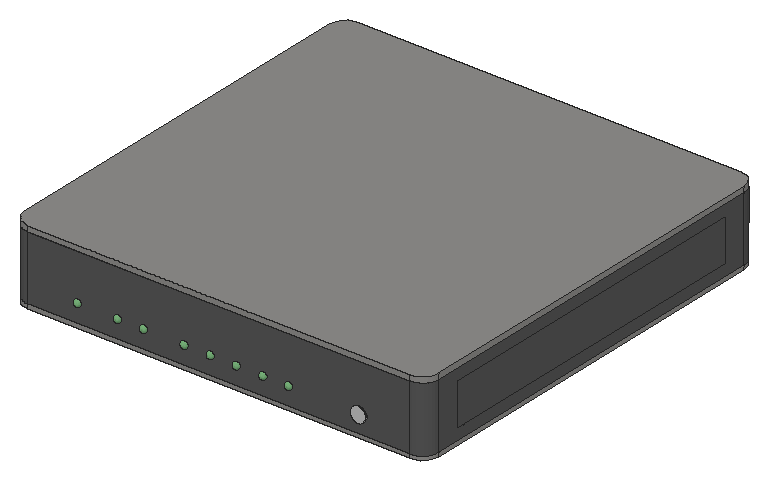
Revit family "Electronics_Medium-Large-Room-Solutions_Biamp_Devio_Conference-Room-Hub_SCX__", category Communication Devices, host Face, Revit 2020
Family settings
  Host = Face
  Maintain Annotation Orientation = No
  Round Connector Dimension = Use Diameter
  Part Type = Normal
  OmniClass Number = 23.85.10.14
  OmniClass Title = Visual Information Systems
  Cut with Voids When Loaded = Yes
  Shared = No
  Room Calculation Point = No
Parameters (values of type "SCX 400")
  Width = 8.10156"  # constant formula
  Weight = 1.90 lbf  # constant formula
  Voltage = 120 V
  View_Device [instance] = not(Plenum Box 12x12)  # yes
  URL = "https://www.biamp.com/"
  Temperature Range = "32 - 104° F (0 - 40° C)"  # constant formula
  Sampling Rate = "48kHz"  # constant formula
  Rotation [instance] = if(RMX 100 Rack Shelf, 0.00°, 90.00°)  # 90.00°
  Ref Line Offset [instance] = if(RMX 100 Rack Shelf, 4.68", 0.00")  # 0.00"
  RMX 100 Rack Shelf [instance] = Mount Type = _RMX 100 Rack Shelf  # no
  _RMX 100 Rack Shelf = RMX 100 Rack Shelf : RMX 100 Rack Shelf
  Product data url = "https://www.bimobject.com/biamp/product/devio-scx-400_medium-large-room-solution"
  Product Page URL = "https://www.biamp.com/products/product-families/devio/medium-large-room-solutions#devio-scx-400"
  Product Documentation Link = "https://downloads.biamp.com/assets/docs/default-source/data-sheets/biamp_data_sheet_devio_scx-400.pdf"
  Power Factor = 1
  Plenum Box 12x12 [instance] = Mount Type = _Plenum Box 12x12  # no
  _Plenum Box 12x12 = Plenum Box 12x12 : Plenum Box 12x12
  Offset Tesera [instance] = if(RMX 100 Rack Shelf, 0.263", if(Plenum Box 12x12, 0.063", 0.00"))  # 0.00"
  Number of Poles = 1
  Number of Channels = "up to 2x2"  # constant formula
  No mount [instance] = Mount Type = No Mount  # yes
  No Mount = No mount : No mount
  Mount Type [instance] = No mount : No mount
  Model = "Devio SCX 400"
  Max Power Consumption = 150 W
  Manufacturer = "Biamp"  # constant formula
  Humidity = "0-98% relative humidity (non-condensing)"  # constant formula
  Housing Material = Biamp - Metal - Dark Gray
  Height = 1.50"  # constant formula
  Description = "Devio® SCX 400 Conference Room Hub"
  Depth = 8.10156"  # constant formula
  Default Elevation = 48.00"
  Connector Description = "100 - 240V 50/60Hz"  # constant formula
  Compliance = "FCC Part 15B (USA); Canada ICES-003 (A) / NMB-003 (A); CE marked (Europe); UL und C-UL listed (USA and Canada); RCM (Australia); RoHS Directive (Europe)"  # constant formula
  Bit Depth = "16-bit / 24-bit"  # constant formula
  Assembly Code = ""
  Apparent Load = Max Power Consumption / Power Factor  # 150 VA
  Altitude = "0-6,600 ft (0-2000m) MSL"  # constant formula
Types (3): name | Product data url | Product Page URL | Product Documentation Link | Model | Description
  (no name) | "https://www.bimobject.com/biamp/product/devio-scx-400_medium-large-room-solution" | "https://www.biamp.com/products/product-families/devio/medium-large-room-solutions#devio-scx-400" | "https://downloads.biamp.com/assets/docs/default-source/data-sheets/biamp_data_sheet_devio_scx-400.pdf" | "Devio SCX 400" | "Devio® SCX 400 Conference Room Hub"
  SCX 400 | "https://www.bimobject.com/biamp/product/devio-scx-400_medium-large-room-solution" | "https://www.biamp.com/products/product-families/devio/medium-large-room-solutions#devio-scx-400" | "https://downloads.biamp.com/assets/docs/default-source/data-sheets/biamp_data_sheet_devio_scx-400.pdf" | "Devio SCX 400" | "Devio® SCX 400 Conference Room Hub"
  SCX 800 | "https://www.bimobject.com/biamp/product/devio-scx-800_medium-large-room-solution" | "https://www.biamp.com/products/product-families/devio/medium-large-room-solutions#devio-scx-800" | "https://downloads.biamp.com/assets/docs/default-source/data-sheets/biamp_data_sheet_devio_scx-800.pdf" | "Devio SCX 800" | "Devio® SCX 800 Conference Room Hub"
Reference planes (in)
  plane 1 "Center (Front/Back)": y = 0
  plane 2: z = 0
  plane 3 "Center (Left/Right)": x = 0
  plane 4: x = -4.05078
  plane 5: x = 4.05078
  plane 6: y = 4.05078
  plane 7: y = -4.05078
Lines and regions (in)
  reference lines
    curve 1: line (0, 4.05078, 0) -> (0, 0.05078, 0)
    curve 2: line (-2, 0.05078, 0) -> (0, 0.05078, 0)
    curve 3: line (0, 0.05078, 0) -> (0, 1.80078, 0)
Dimensions and locks (in)
  equal spacing: plane 4, plane 3 "Center (Left/Right)", plane 5
  equal spacing: plane 6, plane 1 "Center (Front/Back)", plane 7
  "Depth": plane 4 to plane 5
  "Width": plane 6 to plane 7
  "Ref Line Offset": curve 1 to curve 2
  "Rotation": angle curve 1 to plane 6
  locked: curve 2 to curve 1 (angle 90.00°)
  aligned and locked: plane 2 to host face
  aligned and locked: nested 2 to curve 3
Automatic sketch dimensions
  host sketch curve to host sketch curve = 96.00"  (x2)
  curve 1 to level = 0.00"
  curve 1 to plane 6 = 0.00"
  curve 3 to curve 2 = 0.00"
  curve 2 to curve 3 = 0.00"
  curve 2 to curve 3 = 1.75"
  curve 1 to curve 2 = 0.00"
Nested families (in)
  nested 1: "No mount" at (8.84807, -1.49783, 0) x (-1, 0, 0) z (0, 0, 1), type <- "Mount Type", type "No mount"
  nested 2: "DEVIO" at (0, 0.05078, 0), visible <- "View_Device", type "400/800"
Connectors (in)
  electrical at (3.21369, 4.0336, 0.55913)
    settings: on nested 2, index 8, voltage 0 V, apparent load 0 VA, apparent load phase1 0 VA, apparent load phase2 0 VA, apparent load phase3 0 VA, power factor 1, load classification "Other", number of poles 1, system type 5, power factor state 1, is connector primary yes, connector utility no, sub classification motor no, connector description "RJ-45"
  electrical at (-0.48823, 4.0336, 0.45757)
    settings: on nested 2, index 12, voltage 0 V, apparent load 0 VA, apparent load phase1 0 VA, apparent load phase2 0 VA, apparent load phase3 0 VA, power factor 1, load classification "Other", number of poles 1, system type 5, power factor state 1, is connector primary no, connector utility no, sub classification motor no, connector description "USB port"
  electrical at (-3.31669, 4.24838, 0.60915), driven by "Voltage", driven by "Number of Poles", driven by "Max Power Consumption", driven by "Power Factor", driven by "Connector Description"
    settings: on nested 2, index 13, voltage 120 V, apparent load 0 VA, apparent load phase1 150 VA, apparent load phase2 0 VA, apparent load phase3 0 VA, power factor 1, load classification "Other", number of poles 1, system type 31, power factor state 1, is connector primary no, connector utility no, sub classification motor no, connector description "100 - 240V 50/60Hz"
  electrical at (2.27619, 4.0336, 0.52788)
    settings: on nested 2, index 15, voltage 0 V, apparent load 0 VA, apparent load phase1 0 VA, apparent load phase2 0 VA, apparent load phase3 0 VA, power factor 1, load classification "Other", number of poles 1, system type 5, power factor state 1, is connector primary no, connector utility no, sub classification motor no, connector description "RJ-45; PoE+ 2"
  electrical at (1.65597, 4.0336, 0.52788)
    settings: on nested 2, index 16, voltage 0 V, apparent load 0 VA, apparent load phase1 0 VA, apparent load phase2 0 VA, apparent load phase3 0 VA, power factor 1, load classification "Other", number of poles 1, system type 5, power factor state 1, is connector primary no, connector utility no, sub classification motor no, connector description "RJ-45; PoE+ 3"
  electrical at (1.03516, 4.0336, 0.52788)
    settings: on nested 2, index 17, voltage 0 V, apparent load 0 VA, apparent load phase1 0 VA, apparent load phase2 0 VA, apparent load phase3 0 VA, power factor 1, load classification "Other", number of poles 1, system type 5, power factor state 1, is connector primary no, connector utility no, sub classification motor no, connector description "RJ-45; PoE+ 4"
  electrical at (0.41802, 4.0336, 0.52788)
    settings: on nested 2, index 18, voltage 0 V, apparent load 0 VA, apparent load phase1 0 VA, apparent load phase2 0 VA, apparent load phase3 0 VA, power factor 1, load classification "Other", number of poles 1, system type 5, power factor state 1, is connector primary no, connector utility no, sub classification motor no, connector description "RJ-45; PoE+ 5"
Definition of nested family "DEVIO"
  Parameters (values of type "TESIRAFORTÉ X")
    URL = ""
    Offset From Ref = 0.00"
    Model = ""
    Material Case = none
    Manufacturer = ""
    Description = ""
    Default Elevation = 48.00"
    Assembly Code = ""
  Reference planes (in)
    plane 1 "Center (Front/Back)": y = 0
    plane 2: z = 0
    plane 3 "Center (Left/Right)": x = 0
    plane 4: x = -4.05078
    plane 5: x = 4.05078
    plane 6: y = 4.05078
    plane 7: y = -4.05078
    plane 8: z = 1.49906
    plane 9: z = 0.03906
    plane 10 "1": z = 0
    plane 11: z = 0
  Forms (in)
    Extrusion 1, solid
      sketch origin (0, 0, 0) x (1, 0, 0) y (0, 1, 0)
        loop
          line (-48, 48) -> (-48, -48) -> (48, -48) -> (48, 48) -> (-48, 48)
      from 0 to -12
    Extrusion 2, solid, material <- "Material Case"
      sketch origin (0, 0, 0.68945) x (-1, 0, 0) y (0, -1, 0)
        loop
          circle (3.75078, -3.15078) r 0.25
        loop
          circle (-3.75078, -3.15078) r 0.25
        loop
          circle (-3.75078, 3.15078) r 0.25
        loop
          circle (3.75078, 3.15078) r 0.25
      from -0.68945 to -0.65039
    Extrusion 3, solid, material <- "Material Case", detail levels coarse
      sketch origin (0, 7.34519, 0.03906) x (0, 1, 0) y (-1, 0, 0)
        loop
          line (-3.29441, 4.05) -> (-11.39597, 4.05) -> (-11.39597, -4.05) -> (-3.29441, -4.05) -> (-3.29441, 4.05)
      from 0 to 1.46
    Extrusion 4, solid
      sketch origin (4.05, -4.05078, 0.80562) x (-1, 0, 0) y (0, 0, -1)
        loop
          circle (1.30533, 0.34421) r 0.14705
      from 0 to 0.01784
    Extrusion 5, solid
      sketch origin (0, 0, 0.6875) x (1, 0, 0) y (0, 0, 1)
        loop
          circle (-3.31669, -0.07835) r 0.20416
      from -4.1976 to -4.05
    Extrusion 6, solid, material <- "Material Case", detail levels medium+fine
      sketch origin (-4.95787, -180, 0) x (-1, 0, 0) y (0, -1, 0)
        loop
          line (-0.90709, -183.73295) -> (-0.90709, -176.26705)
          arc (-0.90709, -176.26705) -> (-1.00018, -176.04231) -> (-1.22492, -175.94922) r 0.31783
          line (-1.22492, -175.94922) -> (-8.69082, -175.94922)
          arc (-8.69082, -175.94922) -> (-8.91556, -176.04231) -> (-9.00865, -176.26705) r 0.31783
          line (-9.00865, -176.26705) -> (-9.00865, -183.73295)
          arc (-9.00865, -183.73295) -> (-8.91556, -183.95769) -> (-8.69082, -184.05078) r 0.31783
          line (-8.69082, -184.05078) -> (-1.22492, -184.05078)
          arc (-1.22492, -184.05078) -> (-1.00018, -183.95769) -> (-0.90709, -183.73295) r 0.31783
      from 0.03906 to 0.11634
    Extrusion 7, solid, detail levels medium+fine
      sketch origin (-4.95787, -180, 0) x (-1, 0, 0) y (0, -1, 0)
        loop
          line (-0.90746, -183.73295) -> (-0.90746, -176.26705)
          arc (-0.90746, -176.26705) -> (-1.00055, -176.04231) -> (-1.22528, -175.94922) r 0.31783
          line (-1.22528, -175.94922) -> (-8.69119, -175.94922)
          arc (-8.69119, -175.94922) -> (-8.91593, -176.04231) -> (-9.00902, -176.26705) r 0.31783
          line (-9.00902, -176.26705) -> (-9.00902, -183.73295)
          arc (-9.00902, -183.73295) -> (-8.91593, -183.95769) -> (-8.69119, -184.05078) r 0.31783
          line (-8.69119, -184.05078) -> (-1.22528, -184.05078)
          arc (-1.22528, -184.05078) -> (-1.00055, -183.95769) -> (-0.90746, -183.73295) r 0.31783
      from 0.11634 to 1.39139
    Extrusion 8, solid, material <- "Material Case", detail levels medium+fine
      sketch origin (-4.95787, -180, 0) x (-1, 0, 0) y (0, -1, 0)
        loop
          line (-0.90709, -183.73295) -> (-0.90709, -176.26705)
          arc (-0.90709, -176.26705) -> (-1.00018, -176.04231) -> (-1.22492, -175.94922) r 0.31783
          line (-1.22492, -175.94922) -> (-8.69082, -175.94922)
          arc (-8.69082, -175.94922) -> (-8.91556, -176.04231) -> (-9.00865, -176.26705) r 0.31783
          line (-9.00865, -176.26705) -> (-9.00865, -183.73295)
          arc (-9.00865, -183.73295) -> (-8.91556, -183.95769) -> (-8.69082, -184.05078) r 0.31783
          line (-8.69082, -184.05078) -> (-1.22492, -184.05078)
          arc (-1.22492, -184.05078) -> (-1.00018, -183.95769) -> (-0.90709, -183.73295) r 0.31783
      from 1.39139 to 1.49906
    Extrusion 9, void
      sketch origin (0, 0, 0.6875) x (1, 0, 0) y (0, 0, 1)
        loop
          line (3.50713, -0.37837) -> (3.50713, 0.12163) -> (2.92025, 0.12163) -> (2.92025, -0.37837) -> (3.50713, -0.37837)
        loop
          line (2.56963, 0.09038) -> (1.98275, 0.09038) -> (1.98275, -0.40962) -> (2.56963, -0.40962) -> (2.56963, 0.09038)
        loop
          line (1.94941, 0.09038) -> (1.36253, 0.09038) -> (1.36253, -0.40962) -> (1.94941, -0.40962) -> (1.94941, 0.09038)
        loop
          line (1.32861, 0.09038) -> (0.74172, 0.09038) -> (0.74172, -0.40962) -> (1.32861, -0.40962) -> (1.32861, 0.09038)
        loop
          line (0.71147, 0.09038) -> (0.12458, 0.09038) -> (0.12458, -0.40962) -> (0.71147, -0.40962) -> (0.71147, 0.09038)
        loop
          line (-0.25728, -0.01899) -> (-0.71917, -0.01899) -> (-0.71917, -0.44087) -> (-0.25728, -0.44087) -> (-0.25728, -0.01899)
      from -4.1976 to -3.98282
    Revolve 10, solid, detail levels fine
      sketch origin (-2.76078, -1.15708, 1.22383) x (0, 0, 1) y (0, -1, 0)
        loop
          arc (-0.67998, 2.8937) -> (-0.74383, 2.95755) -> (-0.80769, 2.8937) r 0.06385
          line (-0.80769, 2.8937) -> (-0.67998, 2.8937)
        axis (-0.67998, 2.8937) -> (-0.80769, 2.8937)
      angle from 270 to 450
    Revolve 11, solid, detail levels fine
      sketch origin (-1.97338, -1.15708, 1.22383) x (0, 0, 1) y (0, -1, 0)
        loop
          arc (-0.67998, 2.8937) -> (-0.74383, 2.95755) -> (-0.80769, 2.8937) r 0.06385
          line (-0.80769, 2.8937) -> (-0.67998, 2.8937)
        axis (-0.67998, 2.8937) -> (-0.80769, 2.8937)
      angle from 270 to 450
    Revolve 12, solid, detail levels fine
      sketch origin (-1.46472, -1.15708, 1.22383) x (0, 0, 1) y (0, -1, 0)
        loop
          arc (-0.67998, 2.8937) -> (-0.74383, 2.95755) -> (-0.80769, 2.8937) r 0.06385
          line (-0.80769, 2.8937) -> (-0.67998, 2.8937)
        axis (-0.67998, 2.8937) -> (-0.80769, 2.8937)
      angle from 270 to 450
    Revolve 13, solid, detail levels fine
      sketch origin (-0.6715, -1.15708, 1.22383) x (0, 0, 1) y (0, -1, 0)
        loop
          arc (-0.67998, 2.8937) -> (-0.74383, 2.95755) -> (-0.80769, 2.8937) r 0.06385
          line (-0.80769, 2.8937) -> (-0.67998, 2.8937)
        axis (-0.67998, 2.8937) -> (-0.80769, 2.8937)
      angle from 270 to 450
    Revolve 14, solid, detail levels fine
      sketch origin (-0.15919, -1.15708, 1.22383) x (0, 0, 1) y (0, -1, 0)
        loop
          arc (-0.67998, 2.8937) -> (-0.74383, 2.95755) -> (-0.80769, 2.8937) r 0.06385
          line (-0.80769, 2.8937) -> (-0.67998, 2.8937)
        axis (-0.67998, 2.8937) -> (-0.80769, 2.8937)
      angle from 270 to 450
    Revolve 15, solid, detail levels fine
      sketch origin (0.35345, -1.15708, 1.22383) x (0, 0, 1) y (0, -1, 0)
        loop
          arc (-0.67998, 2.8937) -> (-0.74383, 2.95755) -> (-0.80769, 2.8937) r 0.06385
          line (-0.80769, 2.8937) -> (-0.67998, 2.8937)
        axis (-0.67998, 2.8937) -> (-0.80769, 2.8937)
      angle from 270 to 450
    Revolve 16, solid, detail levels fine
      sketch origin (1.37397, -1.15708, 1.22383) x (0, 0, 1) y (0, -1, 0)
        loop
          arc (-0.67998, 2.8937) -> (-0.74383, 2.95755) -> (-0.80769, 2.8937) r 0.06385
          line (-0.80769, 2.8937) -> (-0.67998, 2.8937)
        axis (-0.67998, 2.8937) -> (-0.80769, 2.8937)
      angle from 270 to 450
    Revolve 17, solid, detail levels fine
      sketch origin (0.87196, -1.15708, 1.22383) x (0, 0, 1) y (0, -1, 0)
        loop
          arc (-0.67998, 2.8937) -> (-0.74383, 2.95755) -> (-0.80769, 2.8937) r 0.06385
          line (-0.80769, 2.8937) -> (-0.67998, 2.8937)
        axis (-0.67998, 2.8937) -> (-0.80769, 2.8937)
      angle from 270 to 450
    Extrusion 18, void
      sketch origin (4.05078, 13.84047, 48) x (0, 1, 0) y (0, 0, 1)
        loop
          line (-17.13125, -46.82094) -> (-17.13125, -47.66) -> (-10.54969, -47.66) -> (-10.54969, -46.82094) -> (-17.13125, -46.82094)
      from 0 to -0.08
    Extrusion 19, void
      sketch origin (-4.05078, 13.84047, 48) x (0, -1, 0) y (0, 0, 1)
        loop
          line (17.13125, -46.82094) -> (10.54969, -46.82094) -> (10.54969, -47.66) -> (17.13125, -47.66) -> (17.13125, -46.82094)
      from 0 to -0.08
    Extrusion 20, solid
      sketch origin (-3.97078, 13.84047, 48) x (0, -1, 0) y (0, 0, 1)
        loop
          line (17.13125, -46.82094) -> (10.54969, -46.82094) -> (10.54969, -47.66) -> (17.13125, -47.66) -> (17.13125, -46.82094)
      from 0 to 0.08
    Extrusion 21, solid
      sketch origin (4.05115, -3.73295, 0) x (0, 1, 0) y (0, 0, 1)
        loop
          line (0.44217, 1.17906) -> (0.44217, 0.34) -> (7.02373, 0.34) -> (7.02373, 1.17906) -> (0.44217, 1.17906)
      from 0 to -0.08
  Cuts and joins
    Extrusion 9, Extrusion 18, Extrusion 19 cuts Extrusion 7
    Extrusion 9, Extrusion 19 cuts Extrusion 3
  Lines and regions (in)
    Masking region 1, detail levels medium+fine
      outline origin (0, 0, 0) x (1, 0, 0) y (0, 1, 0)
        loop
          line (-4.05078, 3.73295) -> (-4.05078, -3.73295)
          arc (-4.05078, -3.73295) -> (-3.95769, -3.95769) -> (-3.73295, -4.05078) r 0.31783
          line (-3.73295, -4.05078) -> (2.59762, -4.05078) -> (2.59762, -4.08336) -> (2.89172, -4.08336) -> (2.89172, -4.05078) -> (3.73295, -4.05078)
          arc (3.73295, -4.05078) -> (3.95769, -3.95769) -> (4.05078, -3.73295) r 0.31783
          line (4.05078, -3.73295) -> (4.05078, 3.73295)
          arc (4.05078, 3.73295) -> (3.95769, 3.95769) -> (3.73295, 4.05078) r 0.31783
          line (3.73295, 4.05078) -> (-3.11253, 4.05078) -> (-3.11253, 4.1976) -> (-3.52084, 4.1976) -> (-3.52084, 4.05078) -> (-3.73295, 4.05078)
          arc (-3.73295, 4.05078) -> (-3.95769, 3.95769) -> (-4.05078, 3.73295) r 0.31783
    Masking region 2, detail levels fine
      outline origin (0, 0, 0) x (1, 0, 0) y (0, 1, 0)
        loop
          line (-2.69595, -4.05078) -> (-2.82562, -4.05078)
          arc (-2.82562, -4.05078) -> (-2.76078, -4.11562) -> (-2.69595, -4.05078) r 0.06483
        loop
          line (-1.90855, -4.05078) -> (-2.03821, -4.05078)
          arc (-2.03821, -4.05078) -> (-1.97338, -4.11562) -> (-1.90855, -4.05078) r 0.06483
        loop
          line (-1.39988, -4.05078) -> (-1.52955, -4.05078)
          arc (-1.52955, -4.05078) -> (-1.46472, -4.11562) -> (-1.39988, -4.05078) r 0.06483
        loop
          line (-0.60667, -4.05078) -> (-0.73634, -4.05078)
          arc (-0.73634, -4.05078) -> (-0.6715, -4.11562) -> (-0.60667, -4.05078) r 0.06483
        loop
          line (-0.09435, -4.05078) -> (-0.22402, -4.05078)
          arc (-0.22402, -4.05078) -> (-0.15919, -4.11562) -> (-0.09435, -4.05078) r 0.06483
        loop
          line (0.41828, -4.05078) -> (0.28862, -4.05078)
          arc (0.28862, -4.05078) -> (0.35345, -4.11562) -> (0.41828, -4.05078) r 0.06483
        loop
          line (0.9368, -4.05078) -> (0.80713, -4.05078)
          arc (0.80713, -4.05078) -> (0.87196, -4.11562) -> (0.9368, -4.05078) r 0.06483
        loop
          line (1.43881, -4.05078) -> (1.30914, -4.05078)
          arc (1.30914, -4.05078) -> (1.37397, -4.11562) -> (1.43881, -4.05078) r 0.06483
    Masking region 3, detail levels coarse
      outline origin (0, 0, 0) x (1, 0, 0) y (0, 1, 0)
        loop
          line (-4.05078, 4.05078) -> (-4.05078, -4.05078) -> (2.59762, -4.05078) -> (2.59762, -4.08336) -> (2.89172, -4.08336) -> (2.89172, -4.05078) -> (4.05078, -4.05078) -> (4.05078, 4.05078) -> (-3.11253, 4.05078) -> (-3.11253, 4.1976) -> (-3.52084, 4.1976) -> (-3.52084, 4.05078) -> (-4.05078, 4.05078)
    symbolic lines
      curve 1: line (-3.73258, -4.05078, 0) -> (3.73332, -4.05078, 0)
      curve 2: line (3.73332, 4.05078, 0) -> (-3.73295, 4.05078, 0)
  Dimensions and locks (in)
    equal spacing: plane 4, plane 3 "Center (Left/Right)", plane 5
    equal spacing: plane 6, plane 1 "Center (Front/Back)", plane 7
    plane 4 to plane 5 = 8.10156"
    plane 6 to plane 7 = 8.10156"
    locked: plane 8 to Extrusion 5 sketch curve at 0.88991
    locked: plane 9 to plane 11 at 0.03906
    locked: plane 8 to plane 11 at 1.49906
    "Offset From Ref": plane 11 to level
    locked: plane 7 to Extrusion 18 sketch curve at 0.76
    locked: Extrusion 18 sketch curve to plane 6 at 0.76
    plane 8 to Extrusion 18 sketch curve = 0.32"
    locked: Extrusion 18 sketch curve to plane 11 at 0.34
    aligned and locked: plane 2 to Extrusion 1
    aligned and locked: Extrusion 2 to Extrusion 6
    aligned and locked: Extrusion 6 to Extrusion 2  (x2)
    aligned and locked: plane 8 to Extrusion 8
    aligned and locked: plane 9 to Extrusion 6  (x2)
    aligned and locked: Extrusion 8 to plane 8  (x5)
    aligned and locked: plane 9 to Extrusion 2
    aligned and locked: Extrusion 2 to plane 11
  Automatic sketch dimensions
    Extrusion 1 sketch curve to Extrusion 1 sketch curve = 96.00"  (x2)
    Extrusion 2 sketch curve to plane 5 = 0.30"  (x2)
    plane 4 to Extrusion 2 sketch curve = 0.30"  (x2)
    Extrusion 2 sketch curve to plane 6 = 0.90"  (x2)
    plane 7 to Extrusion 2 sketch curve = 0.90"  (x2)
    Extrusion 3 sketch curve to plane 7 = 0.00"
    Extrusion 3 sketch curve to plane 6 = 0.00"
    Extrusion 3 sketch curve to plane 5 = 0.00078"
    plane 4 to Extrusion 3 sketch curve = 0.00078"
    plane 4 to Extrusion 5 sketch curve = 0.7341"
    Extrusion 6 sketch curve to plane 5 = 0.00"
    Extrusion 6 sketch curve to plane 6 = 0.00"
    Extrusion 6 sketch curve to plane 7 = 0.00"
    Extrusion 6 sketch curve to plane 4 = 0.00"
    Extrusion 6 sketch curve to plane 5 = 0.31783"  (x2)
    Extrusion 6 sketch curve to Extrusion 6 sketch curve = 0.31783"  (x2)
    Extrusion 7 sketch curve to plane 6 = 0.00"
    Extrusion 7 sketch curve to plane 7 = 0.00"
    plane 5 to Extrusion 7 sketch curve = 0.00037"
    Extrusion 7 sketch curve to plane 5 = 0.31746"  (x2)
    plane 4 to Extrusion 7 sketch curve = 0.3182"  (x2)
    plane 4 to Extrusion 7 sketch curve = 0.00037"
    Extrusion 8 sketch curve to plane 5 = 0.00"
    Extrusion 8 sketch curve to plane 6 = 0.00"
    Extrusion 8 sketch curve to plane 7 = 0.00"
    Extrusion 8 sketch curve to plane 4 = 0.00"
    Extrusion 8 sketch curve to plane 5 = 0.31783"  (x2)
    Extrusion 8 sketch curve to Extrusion 8 sketch curve = 0.31783"  (x2)
    Masking region 1 sketch curve to plane 4 = 0.00"
    Masking region 1 sketch curve to plane 6 = 0.00"  (x2)
    Masking region 1 sketch curve to plane 7 = 0.00"  (x2)
    Masking region 1 sketch curve to plane 5 = 0.00"
    plane 4 to Masking region 1 sketch curve = 0.31783"
    Masking region 1 sketch curve to Masking region 1 sketch curve = 0.31783"
    Masking region 1 sketch curve to Masking region 1 sketch curve = 0.21211"
    Masking region 1 sketch curve to Masking region 1 sketch curve = 0.40831"
    Masking region 1 sketch curve to plane 7 = 0.03258"
    Masking region 1 sketch curve to plane 5 = 1.45316"
    Masking region 1 sketch curve to Masking region 1 sketch curve = 0.29409"
    Masking region 1 sketch curve to plane 5 = 0.31783"  (x2)
    plane 6 to Masking region 1 sketch curve = 0.14682"
    Masking region 2 sketch curve to plane 7 = 0.00"  (x8)
    plane 4 to Masking region 2 sketch curve = 1.22517"
    Masking region 2 sketch curve to Masking region 2 sketch curve = 0.06483"  (x8)
    Masking region 2 sketch curve to Masking region 2 sketch curve = 0.65773"
    Masking region 2 sketch curve to Masking region 2 sketch curve = 0.37899"
    Masking region 2 sketch curve to Masking region 2 sketch curve = 0.66355"
    Masking region 2 sketch curve to plane 3 "Center (Left/Right)" = 0.22402"
    plane 3 "Center (Left/Right)" to Masking region 2 sketch curve = 0.28862"
    Masking region 2 sketch curve to Masking region 2 sketch curve = 0.38884"
    Masking region 2 sketch curve to Masking region 2 sketch curve = 0.43718"
    Masking region 3 sketch curve to plane 6 = 0.00"  (x2)
    Masking region 3 sketch curve to plane 4 = 0.00"
    Masking region 3 sketch curve to plane 5 = 0.00"
    plane 4 to Masking region 3 sketch curve = 0.52994"
    Masking region 3 sketch curve to plane 7 = 0.03258"
    Masking region 3 sketch curve to plane 5 = 1.15906"
    Masking region 3 sketch curve to Masking region 3 sketch curve = 0.14682"
    Masking region 3 sketch curve to Masking region 3 sketch curve = 0.40831"
    Masking region 3 sketch curve to plane 7 = 0.00"  (x2)
    Masking region 3 sketch curve to Masking region 3 sketch curve = 0.29409"
    curve 2 to plane 6 = 0.00"
    curve 1 to plane 7 = 0.00"
    plane 4 to curve 2 = 0.31783"
    plane 4 to curve 1 = 0.3182"
    curve 2 to plane 5 = 0.31746"
    curve 1 to plane 5 = 0.31746"
    plane 9 to Extrusion 4 sketch curve = 0.42235"
    Extrusion 4 sketch curve to plane 5 = 1.30611"
    Extrusion 9 sketch curve to plane 3 "Center (Left/Right)" = 0.25728"
    plane 3 "Center (Left/Right)" to Extrusion 9 sketch curve = 0.12458"
    plane 9 to Extrusion 9 sketch curve = 0.23882"  (x3)
    Extrusion 9 sketch curve to Extrusion 9 sketch curve = 0.58688"  (x4)
    Extrusion 9 sketch curve to Extrusion 9 sketch curve = 0.03026"
    Extrusion 9 sketch curve to Extrusion 9 sketch curve = 0.03392"
    Extrusion 9 sketch curve to Extrusion 9 sketch curve = 0.03334"
    Extrusion 9 sketch curve to Extrusion 9 sketch curve = 0.35062"
    Extrusion 9 sketch curve to plane 5 = 0.54365"
    plane 9 to Extrusion 9 sketch curve = 0.20757"
    Extrusion 9 sketch curve to Extrusion 9 sketch curve = 0.00"  (x3)
    plane 9 to Extrusion 9 sketch curve = 0.27007"
    Extrusion 9 sketch curve to Extrusion 9 sketch curve = 0.42187"
    Extrusion 9 sketch curve to Extrusion 9 sketch curve = 0.10938"
    Extrusion 9 sketch curve to Extrusion 9 sketch curve = 0.50"
    Extrusion 9 sketch curve to Extrusion 9 sketch curve = 0.03125"
    Revolve 10 sketch curve to plane 7 = 0.00"  (x2)
    plane 9 to Revolve 10 sketch curve = 0.37708"
    Revolve 10 sketch curve to Revolve 10 sketch curve = 0.06385"
    Revolve 10 sketch curve to Revolve 10 sketch curve = 0.027"
    Revolve 10 sketch curve to Revolve 10 sketch curve = 0.01689"
    Revolve 11 sketch curve to plane 7 = 0.00"  (x2)
    plane 9 to Revolve 11 sketch curve = 0.37708"
    Revolve 11 sketch curve to Revolve 11 sketch curve = 0.06385"
    Revolve 11 sketch curve to Revolve 11 sketch curve = 0.027"
    Revolve 11 sketch curve to Revolve 11 sketch curve = 0.01689"
    Revolve 12 sketch curve to plane 7 = 0.00"  (x2)
    plane 9 to Revolve 12 sketch curve = 0.37708"
    Revolve 12 sketch curve to Revolve 12 sketch curve = 0.06385"
    Revolve 12 sketch curve to Revolve 12 sketch curve = 0.027"
    Revolve 12 sketch curve to Revolve 12 sketch curve = 0.01689"
    Revolve 13 sketch curve to plane 7 = 0.00"  (x2)
    plane 9 to Revolve 13 sketch curve = 0.37708"
    Revolve 13 sketch curve to Revolve 13 sketch curve = 0.06385"
    Revolve 13 sketch curve to Revolve 13 sketch curve = 0.027"
    Revolve 13 sketch curve to Revolve 13 sketch curve = 0.01689"
    Revolve 14 sketch curve to plane 7 = 0.00"  (x2)
    plane 9 to Revolve 14 sketch curve = 0.37708"
    Revolve 14 sketch curve to Revolve 14 sketch curve = 0.06385"
    Revolve 14 sketch curve to Revolve 14 sketch curve = 0.027"
    Revolve 14 sketch curve to Revolve 14 sketch curve = 0.01689"
    Revolve 15 sketch curve to plane 7 = 0.00"  (x2)
    plane 9 to Revolve 15 sketch curve = 0.37708"
    Revolve 15 sketch curve to Revolve 15 sketch curve = 0.06385"
    Revolve 15 sketch curve to Revolve 15 sketch curve = 0.027"
    Revolve 15 sketch curve to Revolve 15 sketch curve = 0.01689"
    Revolve 16 sketch curve to plane 7 = 0.00"  (x2)
    plane 9 to Revolve 16 sketch curve = 0.37708"
    Revolve 16 sketch curve to Revolve 16 sketch curve = 0.06385"
    Revolve 16 sketch curve to Revolve 16 sketch curve = 0.027"
    Revolve 16 sketch curve to Revolve 16 sketch curve = 0.01689"
    Revolve 17 sketch curve to plane 7 = 0.00"  (x2)
    plane 9 to Revolve 17 sketch curve = 0.37708"
    Revolve 17 sketch curve to Revolve 17 sketch curve = 0.06385"
    Revolve 17 sketch curve to Revolve 17 sketch curve = 0.027"
    Revolve 17 sketch curve to Revolve 17 sketch curve = 0.01689"
    Extrusion 19 sketch curve to plane 8 = 0.32"
    Extrusion 19 sketch curve to plane 6 = 0.76"
    plane 9 to Extrusion 19 sketch curve = 0.30094"
    plane 7 to Extrusion 19 sketch curve = 0.76"
    Extrusion 20 sketch curve to Extrusion 19 = 0.00"  (x3)
    Extrusion 19 to Extrusion 20 sketch curve = 0.00"
    Extrusion 7 to Extrusion 21 sketch curve = 0.21232"
    Extrusion 7 to Extrusion 21 sketch curve = 0.44217"
    Extrusion 21 sketch curve to Extrusion 7 = 0.44217"
    Extrusion 7 to Extrusion 21 sketch curve = 0.22366"
    Extrusion 9 sketch curve to Extrusion 9 sketch curve = 0.46188"
    radius of Extrusion 2 sketch curve = 0.25"  (x4)
    radius of Extrusion 5 sketch curve = 0.20416"
    radius of Extrusion 4 sketch curve = 0.14705"
Definition of nested family "No mount"
  Parameters (values of type "No mount")
    Height = 0.00"
    Default Elevation = 48.00"
  Reference planes (in)
    plane 1 "Center (Front/Back)": y = 0
    plane 2: z = 0
    plane 3 "Center (Left/Right)": x = 0
  Dimensions and locks (in)
    aligned and locked: level to plane 2
